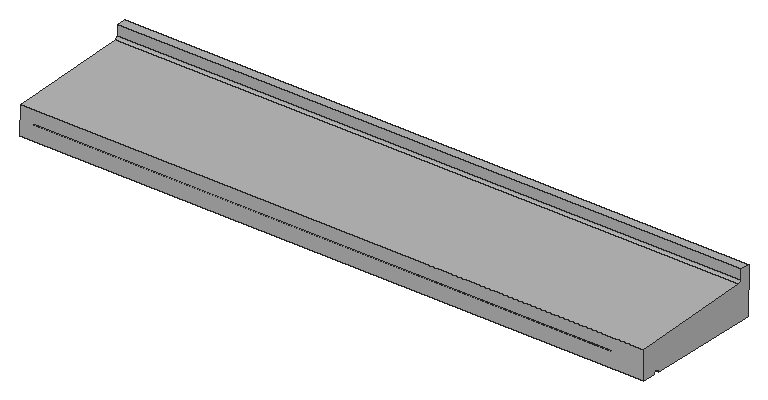
Revit family "D-Sill -S401", category Generic Models, Revit 2020
Family settings
  Can host rebar = No
  Round Connector Dimension = Use Diameter
  Part Type = Normal
  Work Plane-Based = No
  Always vertical = Yes
  Cut with Voids When Loaded = No
  Shared = No
  Room Calculation Point = No
Parameters
  Width of Seating = 15 mm
  Weight = "26Kg/m"
  Warranty Guarantor Parts = "n/a"
  Warranty Guarantor Labour = "n/a"
  Warranty Duration Unit = "n/a"
  Warranty Duration Parts = "n/a"
  Warranty Duration Labour = "n/a"
  Warranty Description = "n/a"
  URL = "www.killeshal.com"
  Types = "Single"
  Type Comments = "Visit our website for a full list of available products."
  Sustainability Performance = "n/a"
  Structural Class = "n/a"
  Span = "Ope Size + 205mm overhang."
  Slope = "0.00°"
  Size = "210mm x 75 to 45mm"
  Sill Width [instance] = 210 mm
  Sill Length [instance] = 1002 mm
  Sill Height [instance] = 75 mm
  Shape = "As per drawing"
  Service Life = "0.000000"
  Serial Number = "n/a"
  Resistance to Fire = "n/a"
  Replacement Cost = "n/a"
  Reference = "n/a"
  Notified Body = "n/a"
  Nominal Cover to Main Bar = "n/a"
  Model = "S/401 Sill"
  Mechanical Resistance = "n/a"
  Manufacturer = "Killeshal Precast Concrete Ltd."
  Load Bearing = no
  Life Cycle Environmental Load = "n/a"
  Length Options = "Stock sizes 552mm, 665mm, 777mm, 890mm, 1002mm, 1050mm, 1115mm, 1227mm, 1340mm, 1452mm, 1565mm, 1677mm, 1790mm, 1902mm, 2015mm, 2127mm, 2240mm, 2352mm, 2465mm, 2577mm, 2690mm, 2802mm, 2915mm"
  Keynote = "The information contained is the sole property of KPC Ltd., any reproduction in part or whole without permission of KPC Ltd. is prohibited."
  Front Face Dimension = 45 mm
  Environmental Product Declaration = "n/a"
  Environmental Class = "n/a"
  Durability against Corrosion = "n/a"
  Distance from Face to Seating = 195 mm
  Dimension Accuracy Class = "n/a"
  Detailing = "As per design specification and product drawings."
  Description = "Type D-Sill"
  Default Elevation = 0 mm
  Dangerous Substances = "n/a"
  Contact Tel = "0035357 9353018"
  Contact Email = "sales@killeshal.com"
  Construction Type = "Precast"
  Construction Tolerance Class = "n/a"
  Compressive Strength of Concrete = "n/a"
  Characteristics of Reinforcing Steel = "n/a"
  Characteristics Deflection Under Load = "n/a"
Reference planes
  plane 1 "Center (Front/Back)": y = 0
  plane 2: z = 0
  plane 3 "Center (Left/Right)": x = 0
  plane 4 "Rear": y = 104.5
  plane 5 "Front": y = -105.5
  plane 6 "Top": z = 75
  plane 7 "Center L/T": z = 45
  plane 8 "Center L/U": y = 89.5
  plane 9 "Center L/V": z = 55
Forms (mm)
  Extrusion 1, solid, material "Precast Concrete (KPC)"
    sketch origin (0, 0, 0) x (0, 1, 0) y (0, 0, 1)
      loop
        line (104.5, 0) -> (104.5, 75) -> (89.5, 75) -> (89.5, 58.794)
        arc (89.5, 58.794) -> (88.47, 56.115) -> (85.911, 54.815) r 4
        line (85.911, 54.815) -> (-105.5, 44.948) -> (-105.5, 0) -> (-85.5, 0)
        arc (-85.5, 0) -> (-80.5, 5) -> (-75.5, 0) r 5
        line (-75.5, 0) -> (104.5, 0)
    from 0 to 1002
Dimensions and locks
  "Sill Length": Extrusion 1 to Extrusion 1
  "Sill Height": plane 6 "Top" to level
  "Sill Width": plane 4 "Rear" to plane 5 "Front"
  plane 7 "Center L/T" to level = 45 mm
  plane 6 "Top" to plane 9 "Center L/V" = 20 mm
  plane 4 "Rear" to plane 8 "Center L/U" = 15 mm
  aligned and locked: level to plane 2
Automatic sketch dimensions
  Extrusion 1 sketch curve to plane 5 "Front" = 0 mm
  Extrusion 1 sketch curve to level = 0 mm
  Extrusion 1 sketch curve to plane 6 "Top" = 0 mm
  Extrusion 1 sketch curve to plane 8 "Center L/U" = 0 mm
  Extrusion 1 sketch curve to plane 4 "Rear" = 0 mm
  plane 5 "Front" to Extrusion 1 sketch curve = 20 mm
  Extrusion 1 sketch curve to Extrusion 1 sketch curve = 5 mm
  Extrusion 1 sketch curve to Extrusion 1 sketch curve = 4 mm
  Extrusion 1 sketch curve to plane 9 "Center L/V" = 0.185 mm
  Extrusion 1 sketch curve to plane 8 "Center L/U" = 3.589 mm
  Extrusion 1 sketch curve to plane 7 "Center L/T" = 0.052 mm
